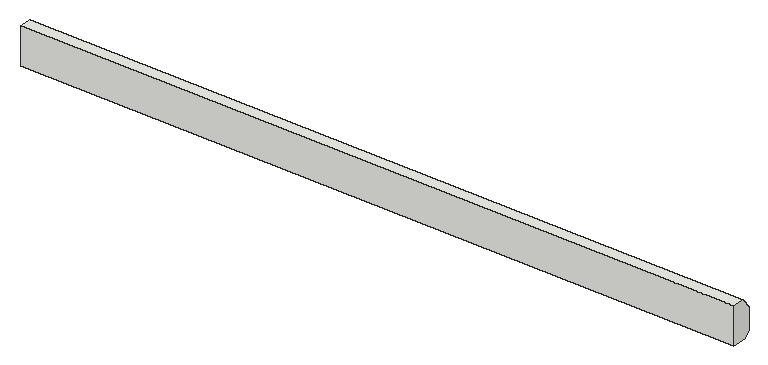
Revit family
Parameters (values of type "100 x 50mm")
  베이스보드 재료 = 금속 - 페인트 마감 - 아이보리색, 광택
  깊이 = 50.00 mm
  높이 = 100.00 mm
  길이 [instance] = 2000.00 mm
  배치 높이 = 150.00 mm
  Assembly Code = ""
Reference planes
  plane 1: y = 0
  plane 2: z = 150
  plane 3: z = 50
  plane 4: y = 126.2
  plane 5: x = -914.4
  plane 6: x = 1085.6
Forms (mm)
  Extrusion 1, solid, material "금속 - 페인트 마감 - 아이보리색, 광택" <- "베이스보드 재료"
    sketch origin (1828.8, 0, 0) x (0, 1, 0) y (0, 0, 1)
      loop
        line (75.4, 50) -> (113.5, 50) -> (126.2, 63.578) -> (126.2, 125.478) -> (108.007, 150) -> (75.4, 150) -> (75.4, 50)
    from -743.2 to -2743.2
Lines and regions (mm)
  symbolic lines
    curve 1: line (1085.6, 76.2, 0) -> (-914.4, 76.2, 0)
    curve 2: line (1085.6, 127, 0) -> (1085.6, 76.2, 0)
    curve 3: line (-914.4, 127, 0) -> (1085.6, 127, 0)
    curve 4: line (-914.4, 76.2, 0) -> (-914.4, 127, 0)
Text (mm)
  text "측면 배치" at (0, 1019.848, 3124.603), in view "오른쪽"
  text "측면 배치" at (-1787.662, 723.012, 0), in view "참조 레벨"
  text "측면 배치" at (0, 1206.291, 2099.487), in view "왼쪽"
Dimensions and locks
  "높이": plane 3 to plane 2
  "길이": plane 5 to plane 6
  "깊이": host wall to plane 4
  "배치 높이": level to plane 2
  aligned and locked: plane 5 to Extrusion 1  (x2)
  aligned and locked: plane 6 to Extrusion 1
Automatic sketch dimensions
  Extrusion 1 sketch curve to plane 3 = 0.00 mm
  Extrusion 1 sketch curve to plane 2 = 0.00 mm
  Extrusion 1 sketch curve to plane 4 = 0.00 mm
  plane 4 to Extrusion 1 sketch curve = 12.70 mm
  plane 4 to Extrusion 1 sketch curve = 18.193 mm
  Extrusion 1 sketch curve to Extrusion 1 sketch curve = 38.10 mm
  Extrusion 1 sketch curve to plane 3 = 13.578 mm
  plane 2 to Extrusion 1 sketch curve = 24.522 mm
  curve 1 to plane 5 = 0.00 mm
  curve 3 to plane 6 = 0.00 mm
  curve 1 to curve 2 = 50.80 mm
  curve 1 to host wall = 0.00 mm
